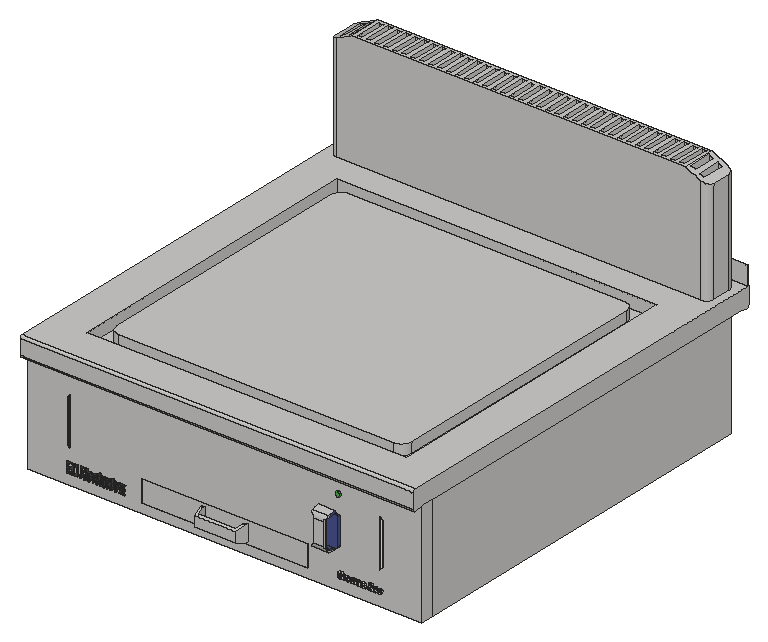
Revit family "QF_ELECTROLUXPROFESSIONAL_593118_MBLIBBHOVO", category Specialty Equipment, Revit 2014 (continued)
Definition of nested family "Front_Panel_W800_One Knobs Right_Spie"
  Definition of nested family "ELX_Professional_Logo_Small"
    Forms (mm)
      Extrusion 2, solid, material "QF_Finishes_Black" <- "Material_Logo"
        sketch origin (15.5, 0, 0) x (1, 0, 0) y (0, 1, 0)
          loop
            spline (-42.99, -1.24) -> (-43.195, -1.231) -> (-43.415, -1.203) -> (-43.642, -1.152) -> (-43.87, -1.074) -> (-44.095, -0.966) -> (-44.309, -0.825) -> (-44.506, -0.647) -> (-44.681, -0.429) -> (-44.828, -0.167) -> (-44.94, 0.142) -> (-45.011, 0.501) -> (-45.037, 0.915)
            line (-45.037, 0.915) -> (-45.037, 2.748) -> (-38.984, 2.748) -> (-38.984, 5.086) -> (-45.038, 5.086) -> (-45.038, 8.489) -> (-38.599, 8.489) -> (-38.599, 10.82) -> (-47.515, 10.82) -> (-47.515, 1.021)
            spline (-47.515, 1.021) -> (-47.493, 0.418) -> (-47.425, -0.15) -> (-47.311, -0.682) -> (-47.15, -1.175) -> (-46.939, -1.628) -> (-46.678, -2.038) -> (-46.365, -2.404) -> (-46, -2.723) -> (-45.58, -2.995) -> (-45.105, -3.216) -> (-44.573, -3.385) -> (-43.983, -3.499)
            line (-43.983, -3.499) -> (-43.01, -3.569) -> (-38.426, -3.569) -> (-38.426, -1.24) -> (-42.99, -1.24)
          loop
            line (-36.666, 4.021) -> (-36.666, -3.573) -> (-34.188, -3.573) -> (-34.188, 10.824) -> (-36.666, 10.824) -> (-36.666, 4.021)
          loop
            spline (-21.915, 1.897) -> (-21.957, 2.615) -> (-22.082, 3.303) -> (-22.285, 3.955) -> (-22.563, 4.564) -> (-22.913, 5.124) -> (-23.331, 5.629) -> (-23.814, 6.074) -> (-24.359, 6.451) -> (-24.961, 6.755) -> (-25.618, 6.98) -> (-26.326, 7.119) -> (-27.081, 7.167)
            spline (-27.081, 7.167) -> (-27.853, 7.122) -> (-28.586, 6.99) -> (-29.275, 6.774) -> (-29.915, 6.478) -> (-30.5, 6.104) -> (-31.024, 5.657) -> (-31.483, 5.138) -> (-31.871, 4.553) -> (-32.182, 3.904) -> (-32.411, 3.194) -> (-32.552, 2.427) -> (-32.6, 1.606)
            spline (-32.6, 1.606) -> (-32.553, 0.805) -> (-32.416, 0.057) -> (-32.193, -0.637) -> (-31.887, -1.271) -> (-31.504, -1.843) -> (-31.048, -2.35) -> (-30.523, -2.788) -> (-29.934, -3.154) -> (-29.284, -3.444) -> (-28.579, -3.656) -> (-27.822, -3.785) -> (-27.019, -3.829)
            spline (-27.019, -3.829) -> (-26.627, -3.82) -> (-26.239, -3.79) -> (-25.856, -3.739) -> (-25.477, -3.663) -> (-25.103, -3.562) -> (-24.734, -3.432) -> (-24.369, -3.273) -> (-24.01, -3.082) -> (-23.655, -2.858) -> (-23.305, -2.597) -> (-22.96, -2.299) -> (-22.621, -1.962)
            line (-22.621, -1.962) -> (-24.114, -0.509)
            spline (-24.114, -0.509) -> (-24.311, -0.699) -> (-24.509, -0.872) -> (-24.71, -1.03) -> (-24.915, -1.172) -> (-25.126, -1.297) -> (-25.346, -1.407) -> (-25.576, -1.5) -> (-25.817, -1.576) -> (-26.072, -1.636) -> (-26.342, -1.678) -> (-26.629, -1.704) -> (-26.936, -1.713)
            spline (-26.936, -1.713) -> (-27.384, -1.691) -> (-27.805, -1.625) -> (-28.196, -1.518) -> (-28.556, -1.372) -> (-28.882, -1.187) -> (-29.174, -0.966) -> (-29.429, -0.71) -> (-29.645, -0.422) -> (-29.821, -0.102) -> (-29.955, 0.247) -> (-30.045, 0.623) -> (-30.089, 1.026)
            line (-30.089, 1.026) -> (-21.956, 1.026) -> (-21.915, 1.897)
          loop
            spline (-24.446, 2.769) -> (-24.47, 3.075) -> (-24.54, 3.37) -> (-24.654, 3.65) -> (-24.807, 3.913) -> (-24.996, 4.156) -> (-25.219, 4.376) -> (-25.472, 4.57) -> (-25.753, 4.736) -> (-26.057, 4.869) -> (-26.382, 4.968) -> (-26.724, 5.03) -> (-27.081, 5.051)
            spline (-27.081, 5.051) -> (-27.464, 5.03) -> (-27.832, 4.97) -> (-28.183, 4.872) -> (-28.513, 4.74) -> (-28.819, 4.577) -> (-29.099, 4.384) -> (-29.347, 4.165) -> (-29.563, 3.923) -> (-29.742, 3.659) -> (-29.881, 3.377) -> (-29.977, 3.079) -> (-30.027, 2.769)
            line (-30.027, 2.769) -> (-24.446, 2.769)
          loop
            spline (-18.167, 1.669) -> (-18.138, 2.13) -> (-18.055, 2.567) -> (-17.921, 2.978) -> (-17.739, 3.358) -> (-17.512, 3.705) -> (-17.243, 4.016) -> (-16.937, 4.287) -> (-16.596, 4.517) -> (-16.223, 4.7) -> (-15.823, 4.835) -> (-15.398, 4.919) -> (-14.951, 4.947)
            spline (-14.951, 4.947) -> (-14.677, 4.938) -> (-14.414, 4.913) -> (-14.162, 4.871) -> (-13.921, 4.812) -> (-13.69, 4.738) -> (-13.467, 4.649) -> (-13.254, 4.544) -> (-13.048, 4.424) -> (-12.85, 4.291) -> (-12.659, 4.143) -> (-12.474, 3.981) -> (-12.295, 3.806)
            line (-12.295, 3.806) -> (-10.76, 5.403)
            spline (-10.76, 5.403) -> (-11.065, 5.709) -> (-11.38, 5.984) -> (-11.703, 6.228) -> (-12.035, 6.443) -> (-12.375, 6.63) -> (-12.723, 6.788) -> (-13.078, 6.92) -> (-13.44, 7.026) -> (-13.809, 7.107) -> (-14.184, 7.164) -> (-14.564, 7.198) -> (-14.951, 7.209)
            spline (-14.951, 7.209) -> (-15.725, 7.161) -> (-16.467, 7.02) -> (-17.169, 6.792) -> (-17.826, 6.482) -> (-18.43, 6.096) -> (-18.976, 5.637) -> (-19.455, 5.112) -> (-19.862, 4.525) -> (-20.19, 3.882) -> (-20.433, 3.189) -> (-20.584, 2.449) -> (-20.635, 1.669)
            spline (-20.635, 1.669) -> (-20.584, 0.889) -> (-20.433, 0.149) -> (-20.19, -0.545) -> (-19.862, -1.187) -> (-19.455, -1.774) -> (-18.976, -2.299) -> (-18.43, -2.758) -> (-17.826, -3.145) -> (-17.169, -3.454) -> (-16.467, -3.682) -> (-15.725, -3.823) -> (-14.951, -3.871)
            spline (-14.951, -3.871) -> (-14.564, -3.86) -> (-14.184, -3.826) -> (-13.809, -3.77) -> (-13.44, -3.689) -> (-13.078, -3.583) -> (-12.723, -3.451) -> (-12.375, -3.292) -> (-12.035, -3.105) -> (-11.703, -2.89) -> (-11.38, -2.646) -> (-11.065, -2.371) -> (-10.76, -2.066)
            line (-10.76, -2.066) -> (-12.295, -0.468)
            spline (-12.295, -0.468) -> (-12.474, -0.643) -> (-12.659, -0.805) -> (-12.85, -0.953) -> (-13.048, -1.087) -> (-13.254, -1.206) -> (-13.467, -1.311) -> (-13.69, -1.4) -> (-13.921, -1.475) -> (-14.162, -1.533) -> (-14.414, -1.575) -> (-14.677, -1.6) -> (-14.951, -1.609)
            spline (-14.951, -1.609) -> (-15.398, -1.581) -> (-15.823, -1.497) -> (-16.223, -1.362) -> (-16.596, -1.179) -> (-16.937, -0.95) -> (-17.243, -0.678) -> (-17.512, -0.367) -> (-17.739, -0.02) -> (-17.921, 0.36) -> (-18.055, 0.771) -> (-18.138, 1.208) -> (-18.167, 1.669)
          loop
            spline (-4.441, -1.243) -> (-4.659, -1.247) -> (-4.894, -1.23) -> (-5.137, -1.19) -> (-5.384, -1.121) -> (-5.628, -1.021) -> (-5.864, -0.884) -> (-6.084, -0.708) -> (-6.283, -0.488) -> (-6.454, -0.219) -> (-6.592, 0.101) -> (-6.69, 0.478) -> (-6.742, 0.914)
            line (-6.742, 0.914) -> (-6.742, 4.587) -> (-4.487, 4.587) -> (-4.487, 6.838) -> (-6.738, 6.838) -> (-6.738, 10.824) -> (-9.217, 10.824) -> (-9.217, 0.773)
            spline (-9.217, 0.773) -> (-9.164, 0.19) -> (-9.068, -0.358) -> (-8.928, -0.87) -> (-8.742, -1.343) -> (-8.511, -1.777) -> (-8.232, -2.168) -> (-7.904, -2.515) -> (-7.527, -2.816) -> (-7.098, -3.069) -> (-6.618, -3.273) -> (-6.084, -3.426) -> (-5.496, -3.525)
            line (-5.496, -3.525) -> (-4.45, -3.573) -> (-4.441, -1.243)
          loop
            spline (3.898, 6.983) -> (3.469, 7.009) -> (3.056, 7.001) -> (2.661, 6.961) -> (2.283, 6.888) -> (1.925, 6.785) -> (1.588, 6.652) -> (1.272, 6.49) -> (0.979, 6.301) -> (0.71, 6.085) -> (0.465, 5.844) -> (0.247, 5.578) -> (0.056, 5.289)
            line (0.056, 5.289) -> (0.056, 6.838) -> (-2.402, 6.838) -> (-2.402, -3.572) -> (0.056, -3.572) -> (0.056, 1.901)
            spline (0.056, 1.901) -> (0.079, 2.316) -> (0.145, 2.703) -> (0.254, 3.06) -> (0.404, 3.386) -> (0.592, 3.679) -> (0.818, 3.938) -> (1.08, 4.162) -> (1.375, 4.348) -> (1.703, 4.495) -> (2.062, 4.602) -> (2.45, 4.668) -> (2.865, 4.69)
            line (2.865, 4.69) -> (3.898, 4.586) -> (3.898, 6.983)
          loop
            spline (15.638, 1.633) -> (15.586, 2.396) -> (15.435, 3.124) -> (15.192, 3.81) -> (14.863, 4.449) -> (14.455, 5.034) -> (13.975, 5.56) -> (13.43, 6.021) -> (12.826, 6.411) -> (12.17, 6.724) -> (11.469, 6.955) -> (10.729, 7.098) -> (9.958, 7.147)
            spline (9.958, 7.147) -> (9.182, 7.098) -> (8.44, 6.955) -> (7.737, 6.724) -> (7.081, 6.411) -> (6.477, 6.021) -> (5.933, 5.56) -> (5.454, 5.034) -> (5.048, 4.449) -> (4.721, 3.81) -> (4.479, 3.124) -> (4.329, 2.396) -> (4.277, 1.633)
            spline (4.277, 1.633) -> (4.329, 0.869) -> (4.479, 0.141) -> (4.721, -0.544) -> (5.048, -1.183) -> (5.454, -1.768) -> (5.933, -2.294) -> (6.477, -2.755) -> (7.081, -3.145) -> (7.737, -3.459) -> (8.44, -3.69) -> (9.182, -3.833) -> (9.958, -3.882)
            spline (9.958, -3.882) -> (10.729, -3.833) -> (11.469, -3.69) -> (12.17, -3.459) -> (12.826, -3.145) -> (13.43, -2.755) -> (13.975, -2.294) -> (14.455, -1.768) -> (14.863, -1.183) -> (15.192, -0.544) -> (15.435, 0.141) -> (15.586, 0.869) -> (15.638, 1.633)
          loop
            spline (13.18, 1.633) -> (13.151, 2.083) -> (13.067, 2.513) -> (12.932, 2.918) -> (12.748, 3.296) -> (12.52, 3.642) -> (12.251, 3.954) -> (11.943, 4.227) -> (11.601, 4.459) -> (11.228, 4.645) -> (10.828, 4.782) -> (10.403, 4.867) -> (9.958, 4.896)
            spline (9.958, 4.896) -> (9.509, 4.867) -> (9.081, 4.782) -> (8.679, 4.645) -> (8.306, 4.459) -> (7.964, 4.227) -> (7.658, 3.954) -> (7.39, 3.642) -> (7.163, 3.296) -> (6.981, 2.918) -> (6.847, 2.513) -> (6.765, 2.083) -> (6.736, 1.633)
            spline (6.736, 1.633) -> (6.765, 1.182) -> (6.847, 0.753) -> (6.981, 0.347) -> (7.163, -0.031) -> (7.39, -0.377) -> (7.658, -0.689) -> (7.964, -0.962) -> (8.306, -1.193) -> (8.679, -1.38) -> (9.081, -1.517) -> (9.509, -1.602) -> (9.958, -1.631)
            spline (9.958, -1.631) -> (10.403, -1.602) -> (10.828, -1.517) -> (11.228, -1.38) -> (11.601, -1.193) -> (11.943, -0.962) -> (12.251, -0.689) -> (12.52, -0.377) -> (12.748, -0.031) -> (12.932, 0.347) -> (13.067, 0.753) -> (13.151, 1.182) -> (13.18, 1.633)
          loop
            line (17.162, 4.269) -> (17.162, -3.573) -> (19.642, -3.573) -> (19.642, 10.824) -> (17.162, 10.824) -> (17.162, 4.269)
          loop
            line (28.581, 6.838) -> (28.581, 0.786)
            spline (28.581, 0.786) -> (28.561, 0.393) -> (28.503, 0.038) -> (28.409, -0.279) -> (28.281, -0.559) -> (28.122, -0.802) -> (27.933, -1.011) -> (27.717, -1.185) -> (27.476, -1.325) -> (27.213, -1.433) -> (26.929, -1.509) -> (26.626, -1.554) -> (26.308, -1.569)
            spline (26.308, -1.569) -> (25.99, -1.554) -> (25.688, -1.509) -> (25.404, -1.434) -> (25.141, -1.326) -> (24.9, -1.187) -> (24.684, -1.014) -> (24.496, -0.807) -> (24.336, -0.565) -> (24.209, -0.288) -> (24.115, 0.026) -> (24.057, 0.376) -> (24.037, 0.765)
            line (24.037, 0.765) -> (24.037, 6.838) -> (21.537, 6.838) -> (21.537, 0.558)
            spline (21.537, 0.558) -> (21.581, -0.153) -> (21.71, -0.8) -> (21.916, -1.384) -> (22.195, -1.904) -> (22.54, -2.362) -> (22.944, -2.757) -> (23.403, -3.09) -> (23.909, -3.362) -> (24.456, -3.572) -> (25.04, -3.722) -> (25.652, -3.811) -> (26.288, -3.841)
            spline (26.288, -3.841) -> (26.929, -3.811) -> (27.547, -3.72) -> (28.135, -3.568) -> (28.687, -3.355) -> (29.197, -3.079) -> (29.66, -2.741) -> (30.068, -2.341) -> (30.415, -1.877) -> (30.696, -1.349) -> (30.905, -0.757) -> (31.034, -0.101) -> (31.079, 0.621)
            line (31.079, 0.621) -> (31.079, 6.838) -> (28.581, 6.838)
          loop
            line (40.457, -0.243) -> (38.894, 1.942) -> (40.83, 4.579) -> (42.488, 6.837) -> (39.782, 6.837) -> (37.53, 3.719) -> (35.258, 6.837) -> (32.573, 6.837) -> (34.113, 4.731) -> (36.167, 1.922) -> (34.014, -1.076) -> (32.222, -3.573) -> (34.887, -3.573) -> (37.53, 0.104) -> (40.174, -3.573) -> (42.839, -3.573) -> (40.457, -0.243)
          loop
            line (-46.121, -5.837) -> (-48.039, -5.837) -> (-48.039, -10.814) -> (-47.016, -10.814) -> (-47.016, -9.128) -> (-46.121, -9.128)
            arc (-46.121, -9.128) -> (-44.476, -7.482) -> (-46.121, -5.837) r 1.645
          loop
            line (-46.163, -6.778) -> (-47.016, -6.778) -> (-47.016, -8.187) -> (-46.163, -8.187)
            arc (-46.163, -8.187) -> (-45.458, -7.482) -> (-46.163, -6.778) r 0.704
          loop
            line (-38.313, -5.837) -> (-40.265, -5.837) -> (-40.265, -10.814) -> (-39.241, -10.814) -> (-39.241, -9.1) -> (-38.46, -9.182) -> (-37.48, -10.814) -> (-36.318, -10.814) -> (-37.513, -8.848)
            arc (-37.513, -8.848) -> (-36.888, -8.266) -> (-36.671, -7.441) r 1.536
            arc (-36.671, -7.441) -> (-37.165, -6.305) -> (-38.313, -5.837) r 1.643
          loop
            arc (-38.402, -8.166) -> (-37.707, -7.505) -> (-38.334, -6.778) r 0.696
            line (-38.334, -6.778) -> (-39.241, -6.778) -> (-39.241, -8.166) -> (-38.402, -8.166)
          loop
            circle (-29.965, -8.325) r 2.585
          loop
            circle (-29.965, -8.325) r 1.64
          loop
            line (-23.1, -5.837) -> (-23.1, -10.814) -> (-22.076, -10.814) -> (-22.076, -8.768) -> (-20.204, -8.768) -> (-20.204, -7.828) -> (-22.076, -7.828) -> (-22.076, -6.778) -> (-20.024, -6.778) -> (-20.024, -5.837) -> (-23.1, -5.837)
          loop
            line (-15.802, -5.837) -> (-15.802, -9.2)
            arc (-15.802, -9.2) -> (-15.343, -10.34) -> (-14.209, -10.814) r 1.593
            line (-14.209, -10.814) -> (-12.602, -10.814) -> (-12.602, -10.027) -> (-14.004, -10.027)
            arc (-14.004, -10.027) -> (-14.552, -9.8) -> (-14.779, -9.252) r 0.775
            line (-14.779, -9.252) -> (-14.779, -8.424) -> (-12.789, -8.424) -> (-12.789, -7.642) -> (-14.779, -7.642) -> (-14.779, -6.778) -> (-12.651, -6.778) -> (-12.651, -5.837) -> (-15.802, -5.837)
          loop
            line (-5.909, -7.143) -> (-5.173, -6.638)
            arc (-5.173, -6.638) -> (-5.855, -5.974) -> (-6.781, -5.755) r 1.782
            arc (-6.781, -5.755) -> (-7.397, -5.878) -> (-7.944, -6.189) r 1.974
            arc (-7.944, -6.189) -> (-8.202, -6.5) -> (-8.317, -6.888) r 1.013
            arc (-8.317, -6.888) -> (-8.306, -7.341) -> (-8.192, -7.78) r 1.985
            arc (-8.192, -7.78) -> (-7.749, -8.259) -> (-7.171, -8.563) r 1.928
            arc (-7.171, -8.563) -> (-6.637, -8.779) -> (-6.131, -9.056) r 5.041
            arc (-6.131, -9.056) -> (-5.934, -9.387) -> (-6.09, -9.74) r 0.42
            arc (-6.09, -9.74) -> (-6.631, -9.96) -> (-7.204, -9.845) r 1.016
            arc (-7.204, -9.845) -> (-7.625, -9.603) -> (-7.889, -9.196) r 1.033
            line (-7.889, -9.196) -> (-8.67, -9.686)
            arc (-8.67, -9.686) -> (-8.361, -10.198) -> (-7.908, -10.589) r 1.914
            arc (-7.908, -10.589) -> (-7.334, -10.834) -> (-6.714, -10.896) r 2.063
            arc (-6.714, -10.896) -> (-5.947, -10.743) -> (-5.256, -10.376) r 2.696
            arc (-5.256, -10.376) -> (-4.95, -9.565) -> (-5.108, -8.712) r 1.618
            arc (-5.108, -8.712) -> (-5.448, -8.319) -> (-5.884, -8.035) r 1.876
            arc (-5.884, -8.035) -> (-6.434, -7.789) -> (-6.999, -7.577) r 9.883
            arc (-6.999, -7.577) -> (-7.325, -7.07) -> (-6.854, -6.694) r 0.45
            arc (-6.854, -6.694) -> (-6.329, -6.809) -> (-5.909, -7.143) r 1.197
          loop
            line (1.61, -7.143) -> (2.345, -6.638)
            arc (2.345, -6.638) -> (1.663, -5.974) -> (0.737, -5.755) r 1.782
            arc (0.737, -5.755) -> (0.121, -5.878) -> (-0.425, -6.189) r 1.974
            arc (-0.425, -6.189) -> (-0.683, -6.5) -> (-0.799, -6.888) r 1.013
            arc (-0.799, -6.888) -> (-0.788, -7.341) -> (-0.674, -7.78) r 1.985
            arc (-0.674, -7.78) -> (-0.231, -8.259) -> (0.347, -8.563) r 1.928
            arc (0.347, -8.563) -> (0.881, -8.779) -> (1.387, -9.056) r 5.041
            arc (1.387, -9.056) -> (1.584, -9.387) -> (1.428, -9.74) r 0.42
            arc (1.428, -9.74) -> (0.887, -9.96) -> (0.314, -9.845) r 1.016
            arc (0.314, -9.845) -> (-0.107, -9.603) -> (-0.371, -9.196) r 1.033
            line (-0.371, -9.196) -> (-1.152, -9.686)
            arc (-1.152, -9.686) -> (-0.842, -10.198) -> (-0.39, -10.589) r 1.914
            arc (-0.39, -10.589) -> (0.184, -10.834) -> (0.804, -10.896) r 2.063
            arc (0.804, -10.896) -> (1.572, -10.743) -> (2.263, -10.376) r 2.696
            arc (2.263, -10.376) -> (2.568, -9.565) -> (2.411, -8.712) r 1.618
            arc (2.411, -8.712) -> (2.07, -8.319) -> (1.635, -8.035) r 1.876
            arc (1.635, -8.035) -> (1.084, -7.789) -> (0.519, -7.577) r 9.883
            arc (0.519, -7.577) -> (0.193, -7.07) -> (0.665, -6.694) r 0.45
            arc (0.665, -6.694) -> (1.189, -6.809) -> (1.61, -7.143) r 1.197
          loop
            line (6.801, -5.837) -> (6.801, -10.814) -> (7.825, -10.814) -> (7.825, -5.837) -> (6.801, -5.837)
          loop
            circle (14.724, -8.325) r 1.548
          loop
            circle (14.724, -8.325) r 2.585
          loop
            line (21.59, -10.814) -> (22.623, -10.814) -> (22.623, -7.685) -> (24.9, -10.814) -> (25.895, -10.814) -> (25.895, -5.837) -> (24.861, -5.837) -> (24.861, -9.061) -> (22.585, -5.837) -> (21.59, -5.837) -> (21.59, -10.814)
          loop
            line (31.054, -10.814) -> (31.539, -9.74) -> (33.38, -9.74) -> (33.865, -10.814) -> (34.965, -10.814) -> (32.46, -5.837) -> (29.956, -10.814) -> (31.054, -10.814)
          loop
            line (32.46, -7.698) -> (31.999, -8.719) -> (32.921, -8.719) -> (32.46, -7.698)
          loop
            line (40.047, -9.873) -> (40.047, -5.837) -> (39.024, -5.837) -> (39.024, -10.814) -> (41.961, -10.814) -> (41.961, -9.873) -> (40.047, -9.873)
          loop
            line (-74.986, -10.814) -> (-53.322, -10.814) -> (-53.322, 10.82) -> (-74.986, 10.82) -> (-74.986, -10.814)
          loop
            line (-61.261, 9.758) -> (-61.261, -9.707)
            arc (-61.261, -9.707) -> (-54.066, 0.025) -> (-61.261, 9.758) r 10.18
          loop
            line (-62.251, 8.349) -> (-62.251, 9.758)
            arc (-62.251, 9.758) -> (-70.347, 7.918) -> (-74.247, 0.59) r 9.976
            line (-74.247, 0.59) -> (-71.026, 0.59)
            arc (-71.026, 0.59) -> (-65.274, 2.925) -> (-62.251, 8.349) r 9.351
          loop
            arc (-74.247, -0.539) -> (-70.353, -7.928) -> (-62.251, -9.957) r 10.237
            line (-62.251, -9.957) -> (-62.251, -8.298)
            arc (-62.251, -8.298) -> (-65.274, -2.874) -> (-71.026, -0.539) r 9.351
            line (-71.026, -0.539) -> (-74.247, -0.539)
        from 0 to 1.644
    Dimensions and locks
      aligned and locked: plane 2 to Extrusion 1
      aligned and locked: level to Extrusion 1
